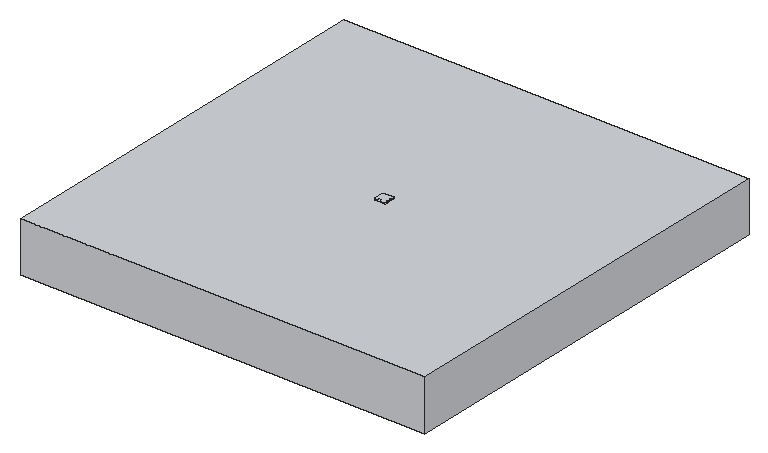
Revit family "Gira_018200", category Allgemeines Modell, Revit 2017
Family settings
  Basisbauteil = Fläche
  Kann Basisbauteil für Bewehrung sein = Nein
  Bemaßung runder Anschluss = Durchmesser verwenden
  Teiletyp = Normal
  Beim Laden mit Abzugskörper schneiden = Nein
  Gemeinsam genutzt = Nein
  Raumberechnungspunkt = Nein
Parameters
  With mounting plate = no
  With memory function = no
  With lighting = no
  With label area = no
  With glass breaking detector connection = no
  With dust cover = no
  With brightness sensor connection = no
  With N-busbar = no
  With LED indication = no
  With Astro program = no
  Wiring system = "Intermediate switch"
  Washing machine switch = no
  Default Elevation = 1219.2 mm
  URL = "https://www.gira.de/"
  Typname = "Bus coup.btn 2-g 1-point KNX insert"
  Type of load = "Universal"
  Type of lighting = "Not included"
  Type of fastening = "Mounting with claw and screw"
  Transparent = no
  Through loss at 860 MHz [B] = 0.1
  Through loss at 2150 MHz [B] = 0.1
  Temperature [Kelvin] = "[5:45]"
  Switch-off protection = no
  Surface protection = "Other"
  Surface finishing = "Not applicable"
  Suitable for wire wound low voltage transformer = yes
  Suitable for wind sensor = no
  Suitable for staircase time switch = no
  Suitable for rain sensor = no
  Suitable for fluorescent tube/energy-saving lamp = yes
  Suitable for electronic low voltage transformer = yes
  Suitable for degree of protection (IP) = "IP20"
  Suitable for 230 V incandescent lamp/halogen lamp = yes
  Substation input = yes
  Shielded housing = no
  Shielded buses = yes
  Serial dimmer = no
  Separate strain relief = yes
  Rated current = 10 A
  Random generator = no
  Push button switch = no
  Productwebsite = "http://katalog.gira.de/en/datenblatt.html?artikelnr=018200"
  Output voltage [Volt] = 5
  Other bus systems = "None"
  Operating voltage [Volt] = "[110:240]"
  Only suitable as substation = no
  Number of rockers = 1
  Number of outputs = 2
  Number of modules (module system) = 1
  Number of buttons = 2
  Nominal voltage [Volt] 3 = "[230:230]"
  Nominal voltage [Volt] 2 = "[230:230]"
  Nominal voltage [Volt] = 250
  Mounting method shielding connection = "None"
  Mounting method = "Flush mounted (plaster)"
  Model = "1-pole switch"
  Min. depth of built-in installation box [m] = 0.024
  Method of operation = "Rocker"
  Mechanical controllable = yes
  Mechanical coding = no
  Max. switching power [Voltampere] = 1000
  Max. output current = 1.4 A
  Material quality = "Other"
  Material = "Other"
  Light value memory = no
  Label space/information surface 7 = "No"
  Label space/information surface 6 = "No"
  Label space/information surface 5 = "No"
  Label space/information surface 4 = "No"
  Label space/information surface = no
  Integrated timer = no
  Input for substation = no
  Imprint = "None"
  Illumination = "Yes"
  Hersteller = "Gira"
  Halogen free = no
  HAN = "018200"
  GTIN = "4010337182009"
  Function lighting = "Illuminated (on)"
  Frequency [Hz] = "[50:60]"
  Forced switch off = no
  Feedback-signal contact = no
  Electronic controllable = no
  Electrical and mechanical locking = yes
  Dimming phase cut-on = yes
  Dimming phase cut-off = yes
  Degree of protection (IP) = "IP20"
  Data sheet = "https://katalog.gira.de/en/download.html?artikelnr=018200"
  Contacts = "1 change-over contact"
  Connection type = "Screw"
  Colour coding = no
  Colour = "Other"
  Category = "5"
  Bus system radio frequent = no
  Bus system Powernet = no
  Bus system LON = no
  Bus system KNX radio = no
  Bus system KNX = yes
  Bus connection included = yes
  Beschreibung = "Ins.b.cpl.btn 2g 1-pt KNX,Insert for KNX bus coupler button, 2-gang with single-point operation,,,The bus coupler button is the interface between the KNX system and the user.,,Features:,- The rockers, 2-gang of the flush-mounted design lines can be inserted on the bus coupler button 2-gang with single-point operation (slanted rocker).,- The bus coupler button, 2-gang with single-point operation can be used to realise the functions switching (pressing), blind, dimming with stop telegram and dimming with cyclical transmission.,,Notes :,- Suitable for claw mounting.,- Please use System 55 adapter frame and cover for Gira TX_44 design line, IP20.,- Integration in the Gira F100 design line is not possible.,- Integration in Gira F100 not possible."
  BIM = "https://media.stage.bim.site/public/gira/290f3eb/Einsatz_1fach.rfa"
  Assembly arrangement = "Basic element"
  Applicable with transmission button = no
  Applicable with time switch/timer = no
  Applicable with presence indicator = yes
  Applicable with movement sensor = yes
  Applicable with infrared button = no
  Applicable with button = yes
  App control via Bluetooth = no
Reference planes
  plane 1 "Center (Front/Back)": y = 0
  plane 2: z = 0
  plane 3 "Center (Left/Right)": x = 0
Forms (mm)
  Extrusion 1, solid
    sketch origin (0, 0, 0) x (1, 0, 0) y (0, 1, 0)
      loop
        line (-1219.2, 1219.2) -> (-1219.2, -1219.2) -> (1219.2, -1219.2) -> (1219.2, 1219.2) -> (-1219.2, 1219.2)
    from 0 to -304.8
  Extrusion 2, solid, detail levels fine
    sketch origin (0, 0, 0) x (1, 0, 0) y (0, 1, 0)
      loop
        line (27.475, 35.475) -> (-27.475, 35.475)
        arc (-27.475, 35.475) -> (-33.132, 33.132) -> (-35.475, 27.475) r 8
        line (-35.475, 27.475) -> (-35.475, -27.475)
        arc (-35.475, -27.475) -> (-33.132, -33.132) -> (-27.475, -35.475) r 8
        line (-27.475, -35.475) -> (27.475, -35.475)
        arc (27.475, -35.475) -> (33.132, -33.132) -> (35.475, -27.475) r 8
        line (35.475, -27.475) -> (35.475, 27.475)
        arc (35.475, 27.475) -> (33.132, 33.132) -> (27.475, 35.475) r 8
    from 0 to 1.8
  Extrusion 3, solid, detail levels fine
    sketch origin (0, 0, 0) x (1, 0, 0) y (0, 1, 0)
      loop
        line (9.678, 25.4) -> (-9.678, 25.4)
        arc (-9.678, 25.4) -> (-12.885, 24.922) -> (-15.814, 23.53) r 11
        arc (-15.814, 23.53) -> (-17.795, 22.07) -> (-19.641, 20.444) r 28.35
        arc (-19.641, 20.444) -> (-21.339, 18.665) -> (-22.876, 16.745) r 28.35
        arc (-22.876, 16.745) -> (-24.456, 13.666) -> (-25, 10.248) r 11
        line (-25, 10.248) -> (-25, -10.248)
        arc (-25, -10.248) -> (-24.456, -13.666) -> (-22.876, -16.745) r 11
        arc (-22.876, -16.745) -> (-20.409, -19.677) -> (-17.569, -22.25) r 28.35
        line (-17.569, -22.25) -> (17.569, -22.25)
        arc (17.569, -22.25) -> (20.409, -19.677) -> (22.876, -16.745) r 28.35
        arc (22.876, -16.745) -> (24.456, -13.666) -> (25, -10.248) r 11
        line (25, -10.248) -> (25, 10.248)
        arc (25, 10.248) -> (24.456, 13.666) -> (22.876, 16.745) r 11
        arc (22.876, 16.745) -> (21.593, 18.37) -> (20.195, 19.897) r 28.35
        arc (20.195, 19.897) -> (18.096, 21.823) -> (15.814, 23.53) r 28.35
        arc (15.814, 23.53) -> (12.885, 24.922) -> (9.678, 25.4) r 11
    from 0 to -22
  Extrusion 4, solid, detail levels medium
    sketch origin (0, 0, 0) x (1, 0, 0) y (0, 1, 0)
      loop
        line (-25, 25.4) -> (-25, -22.25) -> (25, -22.25) -> (25, 25.4) -> (-25, 25.4)
    from 0 to -22
  Extrusion 5, solid, detail levels coarse
    sketch origin (0, 0, 0) x (1, 0, 0) y (0, 1, 0)
      loop
        line (35.475, 35.475) -> (-35.475, 35.475) -> (-35.475, -35.475) -> (35.475, -35.475) -> (35.475, 35.475)
    from -22 to 1.8
  Extrusion 6, solid, detail levels medium
    sketch origin (0, 0, 0) x (1, 0, 0) y (0, 1, 0)
      loop
        line (35.475, 35.475) -> (-35.475, 35.475) -> (-35.475, -35.475) -> (35.475, -35.475) -> (35.475, 35.475)
    from 0 to 1.8
Dimensions and locks
  aligned and locked: plane 2 to Extrusion 1
  aligned and locked: level to Extrusion 1
Connectors
  electrical at (0, 0, -22)
    settings: on Extrusion 5, index 1, voltage 220 V, apparent load 0 VA, apparent load phase1 0 VA, apparent load phase2 0 VA, apparent load phase3 0 VA, power factor 1, load classification "Other", number of poles 1, system type 30, power factor state 1, is connector primary yes, connector utility no, sub classification motor no, connector description ""
